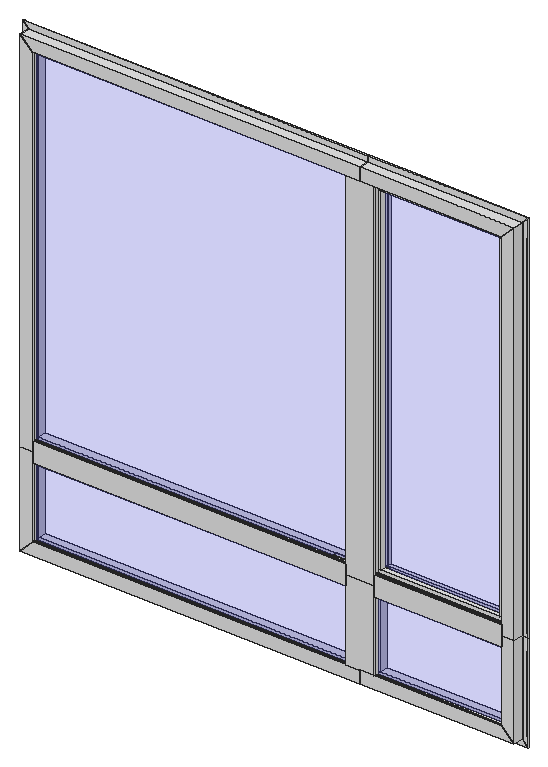
Revit family "511_CP-AT_nailfin", category Windows, host Wall, Revit 2016 (continued)
Automatic sketch dimensions
  Extrusion 4 sketch curve to Extrusion 4 sketch curve = 0.2505"
  Extrusion 4 sketch curve to Extrusion 4 sketch curve = 0.54819"
  Extrusion 4 sketch curve to Extrusion 4 sketch curve = 0.08391"
  Extrusion 4 sketch curve to Extrusion 4 sketch curve = 0.188"
  Extrusion 5 sketch curve to plane 26 "Front of glass" = 0"
  plane 26 "Front of glass" to Extrusion 5 sketch curve = 0.038"
  plane 26 "Front of glass" to Extrusion 5 sketch curve = 0.57098"
  Extrusion 5 sketch curve to Extrusion 5 sketch curve = 0.74001"
  plane 10 "Bar Set" to Extrusion 5 sketch curve = 0.17938"
  Extrusion 5 sketch curve to Extrusion 5 sketch curve = 0.24702"
  plane 10 "Bar Set" to Extrusion 5 sketch curve = 0.14143"
  Extrusion 5 sketch curve to Extrusion 5 sketch curve = 0.27"
  Extrusion 5 sketch curve to host wall = 0.68"
  Extrusion 5 sketch curve to plane 16 = 0.1855"
  Extrusion 5 sketch curve to Extrusion 5 sketch curve = 0.7"
  Extrusion 5 sketch curve to Extrusion 5 sketch curve = 0.2505"
  Extrusion 5 sketch curve to Extrusion 5 sketch curve = 3/8"
  plane 14 to Extrusion 5 sketch curve = 0.314"
  Extrusion 5 sketch curve to Extrusion 5 sketch curve = 0.187"
  Extrusion 5 sketch curve to plane 10 "Bar Set" = 0.21409"
  Extrusion 5 sketch curve to plane 10 "Bar Set" = 0.14143"
  Extrusion 5 sketch curve to plane 16 = 0.12349"
  plane 16 to Extrusion 5 sketch curve = 0.439"
  Extrusion 5 sketch curve to Extrusion 5 sketch curve = 0.0243"
  Extrusion 6 sketch curve to plane 26 "Front of glass" = 0"
  plane 26 "Front of glass" to Extrusion 6 sketch curve = 0.0379"
  Extrusion 6 sketch curve to plane 17 = 1/8"
  plane 26 "Front of glass" to Extrusion 6 sketch curve = 0.778"
  Extrusion 6 sketch curve to Extrusion 6 sketch curve = 0.04"
  Extrusion 6 sketch curve to Extrusion 6 sketch curve = 0.037"
  Extrusion 6 sketch curve to Extrusion 6 sketch curve = 0.02384"
  plane 6 "Head" to Extrusion 6 sketch curve = 0.02"
  Extrusion 6 sketch curve to Extrusion 6 sketch curve = 0.16416"
  plane 6 "Head" to Extrusion 6 sketch curve = 0.56819"
  Extrusion 6 sketch curve to Extrusion 6 sketch curve = 0.35"
  Extrusion 6 sketch curve to Extrusion 6 sketch curve = 0.075"
  Extrusion 6 sketch curve to plane 17 = 0.1865"
  Extrusion 6 sketch curve to Extrusion 6 sketch curve = 0.7"
  Extrusion 6 sketch curve to Extrusion 6 sketch curve = 0.325"
  plane 17 to Extrusion 6 sketch curve = 0.43809"
  Extrusion 6 sketch curve to Extrusion 6 sketch curve = 0.02423"
  Extrusion 6 sketch curve to Extrusion 6 sketch curve = 0.04919"
  Extrusion 6 sketch curve to plane 6 "Head" = 0.02"
  plane 3 "Left" to Extrusion 7 sketch curve = 0.02"
  Extrusion 7 sketch curve to plane 3 "Left" = 0.02"
  Extrusion 7 sketch curve to Extrusion 7 sketch curve = 0.54819"
  Extrusion 7 sketch curve to Extrusion 7 sketch curve = 0.08391"
  Extrusion 7 sketch curve to Extrusion 7 sketch curve = 0.18809"
  Extrusion 7 sketch curve to plane 18 = 0.50335"
  Extrusion 7 sketch curve to Extrusion 7 sketch curve = 3/8"
  Extrusion 7 sketch curve to Extrusion 7 sketch curve = 0.2505"
  host wall to Extrusion 7 sketch curve = 0.075"
  plane 26 "Front of glass" to Extrusion 7 sketch curve = 0.57094"
  Extrusion 7 sketch curve to Extrusion 7 sketch curve = 0.28406"
  Extrusion 7 sketch curve to Extrusion 7 sketch curve = 0.03464"
  Extrusion 7 sketch curve to Extrusion 7 sketch curve = 0.15336"
  Extrusion 7 sketch curve to Extrusion 7 sketch curve = 1/8"
  Extrusion 8 sketch curve to plane 25 "MLW2" = 0"
  Extrusion 8 sketch curve to plane 26 "Front of glass" = 0"
  plane 25 "MLW2" to Extrusion 8 sketch curve = 0.0377"
  plane 25 "MLW2" to Extrusion 8 sketch curve = 0.062"
  Extrusion 8 sketch curve to plane 20 = 1/8"
  Extrusion 8 sketch curve to plane 20 = 0.1865"
  plane 4 "Right" to Extrusion 8 sketch curve = 0.61738"
  Extrusion 8 sketch curve to Extrusion 8 sketch curve = 0.04919"
  plane 4 "Right" to Extrusion 8 sketch curve = 0.02"
  Extrusion 8 sketch curve to plane 4 "Right" = 0.02"
  Extrusion 8 sketch curve to Extrusion 8 sketch curve = 0.37434"
  Extrusion 8 sketch curve to Extrusion 8 sketch curve = 0.325"
  Extrusion 8 sketch curve to host wall = 0.4625"
  host wall to Extrusion 8 sketch curve = 0.075"
  plane 26 "Front of glass" to Extrusion 8 sketch curve = 0.038"
  Extrusion 8 sketch curve to Extrusion 8 sketch curve = 0.74001"
  Extrusion 8 sketch curve to Extrusion 8 sketch curve = 0.03999"
  Extrusion 8 sketch curve to Extrusion 8 sketch curve = 0.037"
  Extrusion 8 sketch curve to Extrusion 8 sketch curve = 0.02856"
  Extrusion 8 sketch curve to Extrusion 8 sketch curve = 0.15944"
  Extrusion 8 sketch curve to Extrusion 8 sketch curve = 1/8"
  curve 1 to plane 18 = 0"
  curve 1 to plane 2 "Center (Left/Right)" = 0.312"
  curve 1 to host wall = 1.4245"
  curve 2 to plane 21 = 0.874"
  host wall to Extrusion 9 sketch curve = 0.075"
  plane 26 "Front of glass" to Extrusion 9 sketch curve = 0.57094"
  Extrusion 9 sketch curve to Extrusion 9 sketch curve = 0.28406"
  Extrusion 9 sketch curve to Extrusion 9 sketch curve = 0.02856"
  plane 3 "Left" to Extrusion 9 sketch curve = 0.02"
  Extrusion 9 sketch curve to Extrusion 9 sketch curve = 0.15944"
  Extrusion 9 sketch curve to plane 3 "Left" = 0.56819"
  Extrusion 9 sketch curve to Extrusion 9 sketch curve = 1/8"
  Extrusion 9 sketch curve to Extrusion 9 sketch curve = 0.2505"
  Extrusion 9 sketch curve to plane 3 "Left" = 0.02"
  Extrusion 9 sketch curve to Extrusion 9 sketch curve = 0.08391"
  Extrusion 9 sketch curve to Extrusion 9 sketch curve = 0.188"
  Extrusion 10 sketch curve to Extrusion 10 sketch curve = 3/8"  (x2)
  Extrusion 10 sketch curve to Extrusion 10 sketch curve = 0.2505"  (x2)
  plane 26 "Front of glass" to Extrusion 10 sketch curve = 0.57094"  (x2)
  Extrusion 10 sketch curve to Extrusion 10 sketch curve = 0.59706"
  plane 19 to Extrusion 10 sketch curve = 0.31372"
  Extrusion 10 sketch curve to Extrusion 10 sketch curve = 0.188"
  plane 22 to Extrusion 10 sketch curve = 0.17281"
  host wall to Extrusion 11 sketch curve = 0.075"
  Extrusion 11 sketch curve to plane 20 = 0.18338"
  plane 26 "Front of glass" to Extrusion 11 sketch curve = 0.57094"
  Extrusion 11 sketch curve to Extrusion 11 sketch curve = 0.28406"
  Extrusion 11 sketch curve to Extrusion 11 sketch curve = 0.02856"
  Extrusion 11 sketch curve to plane 4 "Right" = 0.02"
  Extrusion 11 sketch curve to Extrusion 11 sketch curve = 0.15944"
  Extrusion 11 sketch curve to Extrusion 11 sketch curve = 1/8"
  Extrusion 11 sketch curve to host wall = 0.68"
  Extrusion 11 sketch curve to Extrusion 11 sketch curve = 0.2505"
  plane 4 "Right" to Extrusion 11 sketch curve = 0.6521"
  plane 4 "Right" to Extrusion 11 sketch curve = 0.56819"
  plane 4 "Right" to Extrusion 11 sketch curve = 0.02"
  plane 3 "Left" to Extrusion 31 sketch curve = 2.09452"
  Extrusion 31 sketch curve to plane 17 = 0.14295"
  Extrusion 31 sketch curve to plane 18 = 0.313"
  Extrusion 31 sketch curve to Extrusion 31 sketch curve = 0.23155"
  Extrusion 31 sketch curve to plane 6 "Head" = 2.09452"
  plane 3 "Left" to Extrusion 32 sketch curve = 1.7353"
  Extrusion 32 sketch curve to plane 18 = 0.313"
  Extrusion 32 sketch curve to plane 18 = 0.68077"
  Extrusion 32 sketch curve to plane 17 = 0.18989"
  Extrusion 32 sketch curve to Extrusion 32 sketch curve = 0.18461"
  Extrusion 32 sketch curve to plane 6 "Head" = 1.7353"
  Extrusion 33 sketch curve to plane 20 = 0.1865"
  Extrusion 33 sketch curve to Extrusion 33 sketch curve = 0.188"  (x2)
  Extrusion 33 sketch curve to plane 4 "Right" = 1.67949"
  plane 17 to Extrusion 33 sketch curve = 0.82642"
  Extrusion 33 sketch curve to plane 17 = 0.1865"
  Extrusion 33 sketch curve to plane 6 "Head" = 1.67949"
  Extrusion 34 sketch curve to plane 25 "MLW2" = 0.0635"
  Extrusion 34 sketch curve to plane 20 = 0.1865"
  Extrusion 34 sketch curve to Extrusion 34 sketch curve = 0.188"  (x2)
  Extrusion 34 sketch curve to plane 4 "Right" = 2"
  plane 17 to Extrusion 34 sketch curve = 1/2"
  Extrusion 34 sketch curve to plane 17 = 0.1865"
  Extrusion 34 sketch curve to plane 6 "Head" = 2"
  Extrusion 35 sketch curve to plane 25 "MLW2" = 0.85029"
  Extrusion 35 sketch curve to plane 20 = 0.1865"
  plane 21 to Extrusion 35 sketch curve = 0.313"
  Extrusion 35 sketch curve to plane 10 "Bar Set" = 2.124"
  Extrusion 35 sketch curve to plane 16 = 0.1855"
  plane 16 to Extrusion 35 sketch curve = 0.501"
  Extrusion 36 sketch curve to plane 20 = 0.1865"
  Extrusion 36 sketch curve to Extrusion 36 sketch curve = 0.188"
  Extrusion 36 sketch curve to plane 4 "Right" = 1.5979"
  Extrusion 36 sketch curve to plane 16 = 0.1855"
  plane 16 to Extrusion 36 sketch curve = 0.72522"
  Extrusion 37 sketch curve to plane 23 = 0.31272"
  plane 22 to Extrusion 37 sketch curve = 0.17544"
  plane 16 to Extrusion 37 sketch curve = 0.501"
  plane 24 "MLW1" to Extrusion 37 sketch curve = 1.30052"
  Extrusion 37 sketch curve to plane 16 = 0.1855"
  Extrusion 37 sketch curve to plane 10 "Bar Set" = 0.44912"
  Extrusion 37 sketch curve to Extrusion 37 sketch curve = 0"  (x2)
  Extrusion 38 sketch curve to plane 16 = 0"
  Extrusion 39 sketch curve to plane 17 = 0.18989"
  plane 19 to Extrusion 39 sketch curve = 1.12396"
  plane 19 to Extrusion 39 sketch curve = 0.31426"
  Extrusion 39 sketch curve to plane 23 = 0.31247"
  plane 22 to Extrusion 39 sketch curve = 0.17544"
  plane 24 "MLW1" to Extrusion 39 sketch curve = 0.31554"
  Extrusion 39 sketch curve to plane 17 = 0.1865"
  plane 17 to Extrusion 39 sketch curve = 1/2"
  Extrusion 39 sketch curve to Extrusion 39 sketch curve = 0.188"
  Extrusion 39 sketch curve to plane 6 "Head" = 3.19355"
  Extrusion 40 sketch curve to plane 20 = 3/16"
  Extrusion 40 sketch curve to Extrusion 40 sketch curve = 0.187"
  Extrusion 40 sketch curve to plane 12 = 0.70083"
  Extrusion 40 sketch curve to plane 4 "Right" = 1.55313"
  Extrusion 40 sketch curve to plane 12 = 0.313"
  plane 5 "Sill" to Extrusion 40 sketch curve = 1.55313"
  plane 25 "MLW2" to Extrusion 41 sketch curve = 0.1245"
  plane 21 to Extrusion 41 sketch curve = 0.313"
  Extrusion 41 sketch curve to plane 4 "Right" = 1.71366"
  plane 5 "Sill" to Extrusion 41 sketch curve = 1.71366"
  Extrusion 41 sketch curve to plane 12 = 0.313"
  plane 19 to Extrusion 42 sketch curve = 1.06372"
  plane 19 to Extrusion 42 sketch curve = 0.31372"
  Extrusion 42 sketch curve to plane 23 = 0.313"
  plane 24 "MLW1" to Extrusion 42 sketch curve = 0.12578"
  plane 5 "Sill" to Extrusion 42 sketch curve = 1.7893"
  Extrusion 42 sketch curve to plane 12 = 0.313"
  Extrusion 42 sketch curve to Extrusion 42 sketch curve = 0.188"  (x2)
  plane 3 "Left" to Extrusion 43 sketch curve = 1.35676"
  Extrusion 43 sketch curve to plane 18 = 0.313"
  Extrusion 43 sketch curve to Extrusion 43 sketch curve = 0.61597"
  plane 5 "Sill" to Extrusion 43 sketch curve = 1.35676"
  Extrusion 43 sketch curve to plane 12 = 0.313"
  Extrusion 43 sketch curve to Extrusion 43 sketch curve = 0.188"
  Extrusion 44 sketch curve to plane 12 = 0.91135"
  plane 3 "Left" to Extrusion 44 sketch curve = 2.2487"
  Extrusion 44 sketch curve to plane 18 = 0.313"
  Extrusion 44 sketch curve to plane 12 = 0.313"
  plane 5 "Sill" to Extrusion 44 sketch curve = 2.2487"
  Extrusion 45 sketch curve to plane 18 = 0.313"
  Extrusion 45 sketch curve to Extrusion 45 sketch curve = 0.41388"
  plane 14 to Extrusion 45 sketch curve = 0.501"
  Extrusion 45 sketch curve to plane 16 = 0.18322"
  Extrusion 46 sketch curve to plane 18 = 0.313"
  plane 14 to Extrusion 46 sketch curve = 0.86898"
  plane 16 to Extrusion 46 sketch curve = 0.06628"
  Extrusion 48 sketch curve to plane 26 "Front of glass" = 0"
  Extrusion 49 sketch curve to Extrusion 49 sketch curve = 0.7445"
  Extrusion 50 sketch curve to Extrusion 50 sketch curve = 0.7445"
  Sweep 16 sketch curve to profile plane = 0.61651"
  Sweep 16 sketch curve to profile plane = 2.30842"
  Sweep 16 sketch curve to Sweep 16 sketch curve = 2.00799"
  Sweep 16 sketch curve to Sweep 16 sketch curve = 3.50799"
  Sweep 16 sketch curve to profile plane = 2.6245"
  Sweep 16 sketch curve to Sweep 16 sketch curve = 0.56309"
  profile plane to Sweep 16 sketch curve = 2.9679"
  Extrusion 51 sketch curve to plane 26 "Front of glass" = 0"
  plane 26 "Front of glass" to Extrusion 51 sketch curve = 0.038"
  plane 26 "Front of glass" to Extrusion 51 sketch curve = 0.57094"
  Extrusion 51 sketch curve to Extrusion 51 sketch curve = 0.74001"
  plane 26 "Front of glass" to Extrusion 51 sketch curve = 0.82"
  Extrusion 51 sketch curve to Extrusion 51 sketch curve = 0.348"
  Extrusion 51 sketch curve to host wall = 0.68"
  Extrusion 51 sketch curve to Extrusion 51 sketch curve = 0.69966"
  Extrusion 51 sketch curve to Extrusion 51 sketch curve = 0.2505"
  Extrusion 51 sketch curve to Extrusion 51 sketch curve = 0.32466"
  Extrusion 51 sketch curve to plane 24 "MLW1" = 0.0377"
  plane 19 to Extrusion 38 sketch curve = 0.31426"
  plane 14 to Extrusion 38 sketch curve = 0.814"
  Extrusion 38 sketch curve to plane 23 = 0.31272"
  Extrusion 52 sketch curve to plane 16 = 0.1865"
  plane 19 to Extrusion 52 sketch curve = 3.30509"
  plane 19 to Extrusion 52 sketch curve = 0.31426"
  plane 14 to Extrusion 52 sketch curve = 0.501"
  Extrusion 53 sketch curve to plane 23 = 0.31272"
  plane 22 to Extrusion 53 sketch curve = 0.17544"
  plane 14 to Extrusion 53 sketch curve = 0.50431"
  Extrusion 53 sketch curve to plane 16 = 0.1855"
  plane 16 to Extrusion 53 sketch curve = 0.501"
  plane 24 "MLW1" to Extrusion 53 sketch curve = 0.70791"
  plane 14 to Extrusion 36 sketch curve = 0.7166"
  curve 39 to curve 41 = 2 1/2"
  curve 40 to curve 41 = 2 1/2"
  curve 40 to curve 39 = 2 1/2"
  curve 41 to curve 39 = 2 1/2"
  curve 35 to curve 42 = 1 1/2"
  curve 43 to curve 35 = 2 1/2"
  curve 48 to curve 50 = 2 1/2"
  curve 49 to curve 48 = 2 1/2"
  curve 48 to curve 50 = 0"
  curve 50 to curve 48 = 2 1/2"
  curve 44 to curve 51 = 1 1/2"
  curve 52 to curve 44 = 2 1/2"
  curve 57 to curve 59 = 2 1/2"
  curve 58 to curve 59 = 2 1/2"
  curve 58 to curve 57 = 2 1/2"
  curve 59 to curve 57 = 2 1/2"
  curve 56 to curve 60 = 1 1/2"
  curve 61 to curve 53 = 2 1/2"  (x2)
  curve 62 to plane 24 "MLW1" = 0"
  plane 24 "MLW1" to curve 63 = 0.00054"
  curve 64 to curve 68 = 2 1/2"
  curve 69 to curve 64 = 2"
  curve 72 to curve 71 = 0"
  curve 73 to curve 77 = 2 1/2"
  curve 78 to curve 73 = 2"
  curve 81 to curve 80 = 0"
  curve 82 to curve 86 = 2 1/2"
  curve 87 to curve 85 = 2"
  curve 90 to curve 89 = 0"
  Extrusion 7 sketch curve to Extrusion 7 sketch curve = 0.00109"
  Extrusion 7 sketch curve to host wall = 0.68"
  Extrusion 51 sketch curve to Extrusion 51 sketch curve = 0.6255"
  Extrusion 51 sketch curve to Extrusion 51 sketch curve = 0.7445"
  Extrusion 47 sketch curve to Extrusion 47 sketch curve = 0.7445"
  Extrusion 47 sketch curve to host wall = 0.68"
  Extrusion 9 sketch curve to Extrusion 9 sketch curve = 0.6255"
  Extrusion 9 sketch curve to plane 18 = 0.50335"
  Extrusion 9 sketch curve to host wall = 0.68"
  plane 19 to Extrusion 10 sketch curve = 0.50408"
  Extrusion 10 sketch curve to Extrusion 10 sketch curve = 0.001"
  Extrusion 10 sketch curve to host wall = 0.68"  (x2)
  plane 22 to Extrusion 10 sketch curve = 0.17616"
  Extrusion 11 sketch curve to plane 20 = 3/16"
  Extrusion 11 sketch curve to Extrusion 11 sketch curve = 0.7445"
  Extrusion 4 sketch curve to plane 12 = 1/2"
  Extrusion 4 sketch curve to plane 12 = 0.50335"
  Extrusion 4 sketch curve to Extrusion 4 sketch curve = 0.6255"
  plane 14 to Extrusion 5 sketch curve = 0.50431"
  Extrusion 5 sketch curve to Extrusion 5 sketch curve = 0.6255"
  Extrusion 5 sketch curve to host wall = 0.4625"
  plane 16 to Extrusion 5 sketch curve = 0.501"
  Extrusion 6 sketch curve to host wall = 0.4625"
  plane 17 to Extrusion 6 sketch curve = 1/2"
  Extrusion 1 sketch curve to Extrusion 1 sketch curve = 0.001"
  Extrusion 1 sketch curve to plane 12 = 0.50335"
  Extrusion 1 sketch curve to Extrusion 1 sketch curve = 0.7445"
  Extrusion 2 sketch curve to Extrusion 2 sketch curve = 0.50421"
  Extrusion 3 sketch curve to plane 17 = 0.18989"
  Extrusion 3 sketch curve to Extrusion 3 sketch curve = 0.2505"
Types (71): name | MLW4 | MLW5 | MLH | VBS | Interior Color | Height | Exterior Color | Width | HBS
  (no name) | 2 1/4" | 8 1/4" | 36" | 30" | White | 90" | White | 96" | 72"
  48x60 | 2 1/4" | 3" | 21" | 24" | none | 60" | none | 48" | 42"
  72x84 | 2 1/4" | 5 1/4" | 33" | 30" | none | 84" | none | 72" | 66"
  36x48 | 2 1/4" | 2 1/4" | 15" | 18" | none | 48" | none | 36" | 30"
  96x96Max | 4 1/2" | 7 1/2" | 30" | 36" | none | 96" | none | 96" | 60"
  27x31.75Min | 1 1/2" | 1 11/16" | 9 7/8" | 13 1/2" | none | 31 3/4" | none | 27" | 19 3/4"
  36x36 | 1 1/2" | 2 1/4" | 12" | 18" | none | 36" | none | 36" | 24"
  48x48 | 2 1/4" | 3" | 15" | 24" | none | 48" | none | 48" | 30"
  60x60 | 2 1/4" | 3 3/4" | 21" | 30" | none | 60" | none | 60" | 42"
  72x72 | 2 1/4" | 4 1/2" | 27" | 36" | none | 72" | none | 72" | 54"
  30x36 | 1 1/2" | 1 1/2" | 12" | 18" | none | 36" | none | 30" | 24"
  30x42 | 2 1/4" | 1 1/2" | 12" | 18" | none | 42" | none | 30" | 24"
  30x48 | 2 1/4" | 1 1/2" | 15" | 18" | none | 48" | none | 30" | 30"
  30x54 | 2 1/4" | 1 1/2" | 18" | 18" | none | 54" | none | 30" | 36"
  36x42 | 2 1/4" | 2 1/4" | 12" | 18" | none | 42" | none | 36" | 24"
  36x54 | 2 1/4" | 2 1/4" | 18" | 18" | none | 54" | none | 36" | 36"
  36x60 | 2 1/4" | 2 1/4" | 21" | 18" | none | 60" | none | 36" | 42"
  42x42 | 1 1/2" | 2 1/4" | 15" | 24" | none | 42" | none | 42" | 30"
  42x48 | 2 1/4" | 2 1/4" | 15" | 24" | none | 48" | none | 42" | 30"
  42x54 | 3" | 2 1/4" | 15" | 24" | none | 54" | none | 42" | 30"
  42x60 | 3" | 2 1/4" | 18" | 24" | none | 60" | none | 42" | 36"
  42x66 | 3" | 2 1/4" | 21" | 24" | none | 66" | none | 42" | 42"
  42x72 | 3" | 2 1/4" | 24" | 24" | none | 72" | none | 42" | 48"
  48x42 | 1 1/2" | 3" | 15" | 24" | none | 42" | none | 48" | 30"
  48x54 | 2 1/4" | 3" | 18" | 24" | none | 54" | none | 48" | 36"
  48x66 | 2 1/4" | 3" | 24" | 24" | none | 66" | none | 48" | 48"
  48x72 | 2 1/4" | 3" | 27" | 24" | none | 72" | none | 48" | 54"
  48x78 | 2 1/4" | 3" | 30" | 24" | none | 78" | none | 48" | 60"
  54x42 | 1 1/2" | 3 3/4" | 15" | 24" | none | 42" | none | 54" | 30"
  54x48 | 2 1/4" | 3 3/4" | 15" | 24" | none | 48" | none | 54" | 30"
  54x54 | 2 1/4" | 3 3/4" | 18" | 24" | none | 54" | none | 54" | 36"
  54x60 | 2 1/4" | 3 3/4" | 21" | 24" | none | 60" | none | 54" | 42"
  54x66 | 2 1/4" | 3 3/4" | 24" | 24" | none | 66" | none | 54" | 48"
  54x72 | 2 1/4" | 3 3/4" | 27" | 24" | none | 72" | none | 54" | 54"
  54x78 | 2 1/4" | 3 3/4" | 30" | 24" | none | 78" | none | 54" | 60"
  54x84 | 2 1/4" | 3 3/4" | 33" | 24" | none | 84" | none | 54" | 66"
  60x48 | 1 1/2" | 3 3/4" | 18" | 30" | none | 48" | none | 60" | 36"
  60x54 | 2 1/4" | 3 3/4" | 18" | 30" | none | 54" | none | 60" | 36"
  60x66 | 2 1/4" | 3 3/4" | 24" | 30" | none | 66" | none | 60" | 48"
  60x72 | 2 1/4" | 3 3/4" | 27" | 30" | none | 72" | none | 60" | 54"
  60x78 | 2 1/4" | 3 3/4" | 30" | 30" | none | 78" | none | 60" | 60"
  60x84 | 2 1/4" | 3 3/4" | 33" | 30" | none | 84" | none | 60" | 66"
  60x90 | 2 1/4" | 3 3/4" | 36" | 30" | none | 90" | none | 60" | 72"
  60x96 | 3" | 3 3/4" | 36" | 30" | none | 96" | none | 60" | 72"
  66x60 | 2 1/4" | 4 1/2" | 21" | 30" | none | 60" | none | 66" | 42"
  66x66 | 2 1/4" | 4 1/2" | 24" | 30" | none | 66" | none | 66" | 48"
  66x72 | 2 1/4" | 4 1/2" | 27" | 30" | none | 72" | none | 66" | 54"
  66x78 | 2 1/4" | 4 1/2" | 30" | 30" | none | 78" | none | 66" | 60"
  66x84 | 2 1/4" | 4 1/2" | 33" | 30" | none | 84" | none | 66" | 66"
  66x90 | 2 1/4" | 4 1/2" | 36" | 30" | none | 90" | none | 66" | 72"
  66x96 | 3" | 4 1/2" | 36" | 30" | none | 96" | none | 66" | 72"
  72x66 | 2 1/4" | 4 1/2" | 24" | 36" | none | 66" | none | 72" | 48"
  72x78 | 2 1/4" | 4 1/2" | 30" | 36" | none | 78" | none | 72" | 60"
  72x90 | 2 1/4" | 5 1/4" | 36" | 30" | none | 90" | none | 72" | 72"
  72x96 | 3" | 5 1/4" | 36" | 30" | none | 96" | none | 72" | 72"
  78x72 | 2 1/4" | 5 1/4" | 27" | 36" | none | 72" | none | 78" | 54"
  78x78 | 2 1/4" | 5 1/4" | 30" | 36" | none | 78" | none | 78" | 60"
  78x84 | 2 1/4" | 6" | 33" | 30" | none | 84" | none | 78" | 66"
  78x90 | 2 1/4" | 6" | 36" | 30" | none | 90" | none | 78" | 72"
  78x96 | 3" | 6" | 36" | 30" | none | 96" | none | 78" | 72"
  84x78 | 2 1/4" | 6" | 30" | 36" | none | 78" | none | 84" | 60"
  84x84 | 2 1/4" | 6 3/4" | 33" | 30" | none | 84" | none | 84" | 66"
  84x90 | 2 1/4" | 6 3/4" | 36" | 30" | none | 90" | none | 84" | 72"
  84x96 | 3" | 6 3/4" | 36" | 30" | none | 96" | none | 84" | 72"
  90x84 | 2 1/4" | 7 1/2" | 33" | 30" | none | 84" | none | 90" | 66"
  90x78 | 2 1/4" | 6 3/4" | 30" | 36" | none | 78" | none | 90" | 60"
  90x90 | 2 1/4" | 7 1/2" | 36" | 30" | none | 90" | none | 90" | 72"
  90x96 | 3" | 7 1/2" | 36" | 30" | none | 96" | none | 90" | 72"
  96x78 | 2 1/4" | 7 1/2" | 30" | 36" | none | 78" | none | 96" | 60"
  96x84 | 2 1/4" | 8 1/4" | 33" | 30" | none | 84" | none | 96" | 66"
  96x90 | 2 1/4" | 8 1/4" | 36" | 30" | White | 90" | White | 96" | 72"
